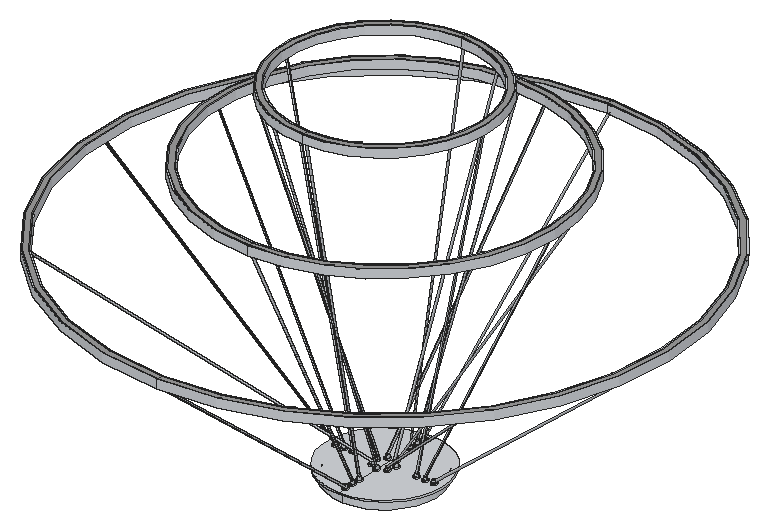
Revit family "Vicky Tri-Ring Pendant_160W100W50W_3000K", category Lighting Fixtures, host Face, Revit 2022
Family settings
  Host = Face
  Round Connector Dimension = Use Diameter
  Part Type = Normal
  Cut with Voids When Loaded = No
  Light Source = No
  Maintain Annotation Orientation = No
  Shared = No
  Room Calculation Point = No
Parameters (values of type "VRD Tri-Ring Pendant_160W100W50W_3000K")
  Wattage Comments = "310W-Luminaire"
  URL = "https://www.abovealllighting.com/product/LED-INDOOR-FIXTURE/Ring/VRDVickyRingDownwardLight4ring.html"
  Power Factor = "0.9"
  Model = "VRD-TRIX-30901-ACPMK"
  Manufacturer = "Above All Lighting"
  Lumen output = "26350 lx-Luminaire"
  Load Classification = Lighting
  Lamp = "LED"
  Input Voltage = "120-277V"
  IP Rating = "90"
  Description = "VDR Tri-Ring Pendant"
  Default Elevation = 4' - 0"
  CRI = "90"
  CCT = "3000K"
Reference planes (in)
  plane 1 "Center (Front/Back)": y = 0
  plane 2: z = 0
  plane 3 "Center (Left/Right)": x = 0
  plane 4: z = 59
Forms (in)
  Sweep 1, solid, not visible
    path origin (0, 0, 0) x (-0.707107, 0.707107, 0) y (0, 0, 1)
      loop
        line (-6, 2) -> (-49.2, 33.3273)
    profile origin (19.51615, -19.51615, 17.66365) x (0.415112, -0.415112, -0.809545) y (0.707107, 0.707107, 0)
      loop
        circle (0, 0) r 0.0625
Dimensions and locks (in)
  plane 4 to level = 4' - 11"
  diameter of nested 1 = 8' - 2.1"
  diameter of nested 1 = 4' - 10.8"
  aligned and locked: plane 2 to host face
  aligned and locked: level to host face
Nested families (in)
  nested 1: "Tri-ring light" at (0, 0, 0), type "Tri-ring light"
  nested 2: "Light source" at (0, 0.11113, 5.14049), type "50W"
  nested 3: "Light source" at (0, 0, -6.87367), type "100W"
  nested 4: "Light source" at (0, 0, -18.76283), type "100W"
Definition of nested family "Tri-ring light"
  Parameters (values of type "Tri-ring light")
    Default Elevation = 0' - 0"
  Reference planes (in)
    plane 1 "Center (Front/Back)": y = 0
    plane 2: z = 0
    plane 3 "Center (Left/Right)": x = 0
    plane 4: z = 59
    plane 5: z = 0
  Forms (in)
    Revolve 1, solid
      sketch origin (0, 0, 0) x (0, 1, 0) y (0, 0, 1)
        loop
          line (-49.2, 33.5) -> (-47.9, 33.5) -> (-47.9, 35) -> (-48.05, 35) -> (-48.05, 34.3) -> (-49.05, 34.3) -> (-49.05, 35) -> (-49.2, 35) -> (-49.2, 33.5)
        loop
          line (-29.55, 45.5) -> (-28.25, 45.5) -> (-28.25, 47) -> (-28.4, 47) -> (-28.4, 46.3) -> (-29.4, 46.3) -> (-29.4, 47) -> (-29.55, 47) -> (-29.55, 45.5)
        loop
          line (-17.7, 57.5) -> (-16.4, 57.5) -> (-16.4, 59) -> (-16.55, 59) -> (-16.55, 58.3) -> (-17.55, 58.3) -> (-17.55, 59) -> (-17.7, 59) -> (-17.7, 57.5)
        axis (0, 59) -> (0, 33.5)
      angle from 0 to 360
    Revolve 2, solid
      sketch origin (0, 0, 0) x (0, 1, 0) y (0, 0, 1)
        loop
          line (-16.55, 59) -> (-17.55, 59) -> (-17.55, 58.3) -> (-16.55, 58.3) -> (-16.55, 59)
        loop
          line (-28.4, 47) -> (-29.4, 47) -> (-29.4, 46.3) -> (-28.4, 46.3) -> (-28.4, 47)
        loop
          line (-48.05, 35) -> (-49.05, 35) -> (-49.05, 34.3) -> (-48.05, 34.3) -> (-48.05, 35)
        axis (0, 59) -> (0, 34.3)
      angle from 0 to 360
    Revolve 3, solid
      sketch origin (8.51563, 0, 0.02344) x (1, 0, 0) y (0, 0, 1)
        loop
          line (0, 0.75) -> (0, 0.22656) -> (0.48438, 0.22656) -> (0.48438, 0.28516) -> (0.35553, 0.28516)
          arc (0.35553, 0.28516) -> (0.28091, 0.31607) -> (0.25, 0.39069) r 0.10553
          line (0.25, 0.39069) -> (0.25, 0.75) -> (0, 0.75)
        axis (0, 0.75) -> (0, 0.22656)
      angle from 0 to 360
    Revolve 4, solid
      sketch origin (0, 0, -1.75) x (0, 1, 0) y (0, 0, 1)
        loop
          line (0, 2) -> (0, 1.75) -> (8.5, 1.75) -> (8.5, 0) -> (9, 0) -> (9, 1.75) -> (10, 1.75) -> (10, 2) -> (0, 2)
        axis (0, 2) -> (0, 0)
      angle from 0 to 360
    Revolve 5, solid
      sketch origin (7.01563, 0, 0.02344) x (1, 0, 0) y (0, 0, 1)
        loop
          line (0, 0.75) -> (0, 0.22656) -> (0.48438, 0.22656) -> (0.48438, 0.28516) -> (0.35553, 0.28516)
          arc (0.35553, 0.28516) -> (0.28091, 0.31607) -> (0.25, 0.39069) r 0.10553
          line (0.25, 0.39069) -> (0.25, 0.75) -> (0, 0.75)
        axis (0, 0.75) -> (0, 0.22656)
      angle from 0 to 360
    Revolve 6, solid
      sketch origin (5.51563, 0, 0.02344) x (1, 0, 0) y (0, 0, 1)
        loop
          line (0, 0.75) -> (0, 0.22656) -> (0.48438, 0.22656) -> (0.48438, 0.28516) -> (0.35553, 0.28516)
          arc (0.35553, 0.28516) -> (0.28091, 0.31607) -> (0.25, 0.39069) r 0.10553
          line (0.25, 0.39069) -> (0.25, 0.75) -> (0, 0.75)
        axis (0, 0.75) -> (0, 0.22656)
      angle from 0 to 360
    Revolve 7, solid
      sketch origin (-8.51563, 0, 0.02344) x (-1, 0, 0) y (0, 0, -1)
        loop
          line (0, -0.75) -> (0.25, -0.75) -> (0.25, -0.39069)
          arc (0.25, -0.39069) -> (0.28091, -0.31607) -> (0.35553, -0.28516) r 0.10553
          line (0.35553, -0.28516) -> (0.48438, -0.28516) -> (0.48438, -0.22656) -> (0, -0.22656) -> (0, -0.75)
        axis (0, -0.75) -> (0, -0.22656)
      angle from 0 to 360
    Revolve 8, solid
      sketch origin (-7.01563, 0, 0.02344) x (-1, 0, 0) y (0, 0, -1)
        loop
          line (0, -0.75) -> (0.25, -0.75) -> (0.25, -0.39069)
          arc (0.25, -0.39069) -> (0.28091, -0.31607) -> (0.35553, -0.28516) r 0.10553
          line (0.35553, -0.28516) -> (0.48438, -0.28516) -> (0.48438, -0.22656) -> (0, -0.22656) -> (0, -0.75)
        axis (0, -0.75) -> (0, -0.22656)
      angle from 0 to 360
    Revolve 9, solid
      sketch origin (-5.51563, 0, 0.02344) x (-1, 0, 0) y (0, 0, -1)
        loop
          line (0, -0.75) -> (0.25, -0.75) -> (0.25, -0.39069)
          arc (0.25, -0.39069) -> (0.28091, -0.31607) -> (0.35553, -0.28516) r 0.10553
          line (0.35553, -0.28516) -> (0.48438, -0.28516) -> (0.48438, -0.22656) -> (0, -0.22656) -> (0, -0.75)
        axis (0, -0.75) -> (0, -0.22656)
      angle from 0 to 360
    Revolve 10, solid
      sketch origin (0, -8.51563, 0.02344) x (0, -1, 0) y (0, 0, 1)
        loop
          line (0, 0.75) -> (0, 0.22656) -> (0.48438, 0.22656) -> (0.48438, 0.28516) -> (0.35553, 0.28516)
          arc (0.35553, 0.28516) -> (0.28091, 0.31607) -> (0.25, 0.39069) r 0.10553
          line (0.25, 0.39069) -> (0.25, 0.75) -> (0, 0.75)
        axis (0, 0.75) -> (0, 0.22656)
      angle from 0 to 360
    Revolve 11, solid
      sketch origin (0, -7.01563, 0.02344) x (0, -1, 0) y (0, 0, 1)
        loop
          line (0, 0.75) -> (0, 0.22656) -> (0.48438, 0.22656) -> (0.48438, 0.28516) -> (0.35553, 0.28516)
          arc (0.35553, 0.28516) -> (0.28091, 0.31607) -> (0.25, 0.39069) r 0.10553
          line (0.25, 0.39069) -> (0.25, 0.75) -> (0, 0.75)
        axis (0, 0.75) -> (0, 0.22656)
      angle from 0 to 360
    Revolve 12, solid
      sketch origin (0, -5.51563, 0.02344) x (0, -1, 0) y (0, 0, 1)
        loop
          line (0, 0.75) -> (0, 0.22656) -> (0.48438, 0.22656) -> (0.48438, 0.28516) -> (0.35553, 0.28516)
          arc (0.35553, 0.28516) -> (0.28091, 0.31607) -> (0.25, 0.39069) r 0.10553
          line (0.25, 0.39069) -> (0.25, 0.75) -> (0, 0.75)
        axis (0, 0.75) -> (0, 0.22656)
      angle from 0 to 360
    Revolve 13, solid
      sketch origin (0, 8.51563, 0.02344) x (0, 1, 0) y (0, 0, -1)
        loop
          line (0, -0.75) -> (0.25, -0.75) -> (0.25, -0.39069)
          arc (0.25, -0.39069) -> (0.28091, -0.31607) -> (0.35553, -0.28516) r 0.10553
          line (0.35553, -0.28516) -> (0.48438, -0.28516) -> (0.48438, -0.22656) -> (0, -0.22656) -> (0, -0.75)
        axis (0, -0.75) -> (0, -0.22656)
      angle from 0 to 360
    Revolve 14, solid
      sketch origin (0, 7.01563, 0.02344) x (0, 1, 0) y (0, 0, -1)
        loop
          line (0, -0.75) -> (0.25, -0.75) -> (0.25, -0.39069)
          arc (0.25, -0.39069) -> (0.28091, -0.31607) -> (0.35553, -0.28516) r 0.10553
          line (0.35553, -0.28516) -> (0.48438, -0.28516) -> (0.48438, -0.22656) -> (0, -0.22656) -> (0, -0.75)
        axis (0, -0.75) -> (0, -0.22656)
      angle from 0 to 360
    Revolve 15, solid
      sketch origin (0, 5.51563, 0.02344) x (0, 1, 0) y (0, 0, -1)
        loop
          line (0, -0.75) -> (0.25, -0.75) -> (0.25, -0.39069)
          arc (0.25, -0.39069) -> (0.28091, -0.31607) -> (0.35553, -0.28516) r 0.10553
          line (0.35553, -0.28516) -> (0.48438, -0.28516) -> (0.48438, -0.22656) -> (0, -0.22656) -> (0, -0.75)
        axis (0, -0.75) -> (0, -0.22656)
      angle from 0 to 360
    Revolve 16, solid
      sketch origin (0, -1.72749, 0.02344) x (0, -1, 0) y (0, 0, -1)
        loop
          line (0, -0.75) -> (0.25, -0.75) -> (0.25, -0.39069)
          arc (0.25, -0.39069) -> (0.28091, -0.31607) -> (0.35553, -0.28516) r 0.10553
          line (0.35553, -0.28516) -> (0.48438, -0.28516) -> (0.48438, -0.22656) -> (0, -0.22656) -> (0, -0.75)
        axis (0, -0.75) -> (0, -0.22656)
      angle from 0 to 360
    Revolve 17, solid
      sketch origin (1.35061, -1.07707, 0.02344) x (0.781831, -0.62349, 0) y (0, 0, -1)
        loop
          line (0, -0.75) -> (0.25, -0.75) -> (0.25, -0.39069)
          arc (0.25, -0.39069) -> (0.28091, -0.31607) -> (0.35553, -0.28516) r 0.10553
          line (0.35553, -0.28516) -> (0.48438, -0.28516) -> (0.48438, -0.22656) -> (0, -0.22656) -> (0, -0.75)
        axis (0, -0.75) -> (0, -0.22656)
      angle from 0 to 360
    Revolve 18, solid
      sketch origin (-1.35061, -1.07707, 0.02344) x (-0.781831, -0.62349, 0) y (0, 0, -1)
        loop
          line (0, -0.75) -> (0.25, -0.75) -> (0.25, -0.39069)
          arc (0.25, -0.39069) -> (0.28091, -0.31607) -> (0.35553, -0.28516) r 0.10553
          line (0.35553, -0.28516) -> (0.48438, -0.28516) -> (0.48438, -0.22656) -> (0, -0.22656) -> (0, -0.75)
        axis (0, -0.75) -> (0, -0.22656)
      angle from 0 to 360
    Revolve 19, solid
      sketch origin (-1.68418, 0.3844, 0.02344) x (-0.974928, 0.222521, 0) y (0, 0, -1)
        loop
          line (0, -0.75) -> (0.25, -0.75) -> (0.25, -0.39069)
          arc (0.25, -0.39069) -> (0.28091, -0.31607) -> (0.35553, -0.28516) r 0.10553
          line (0.35553, -0.28516) -> (0.48438, -0.28516) -> (0.48438, -0.22656) -> (0, -0.22656) -> (0, -0.75)
        axis (0, -0.75) -> (0, -0.22656)
      angle from 0 to 360
    Revolve 20, solid
      sketch origin (-0.74953, 1.55641, 0.02344) x (-0.433884, 0.900969, 0) y (0, 0, -1)
        loop
          line (0, -0.75) -> (0.25, -0.75) -> (0.25, -0.39069)
          arc (0.25, -0.39069) -> (0.28091, -0.31607) -> (0.35553, -0.28516) r 0.10553
          line (0.35553, -0.28516) -> (0.48438, -0.28516) -> (0.48438, -0.22656) -> (0, -0.22656) -> (0, -0.75)
        axis (0, -0.75) -> (0, -0.22656)
      angle from 0 to 360
    Revolve 21, solid
      sketch origin (0.74953, 1.55641, 0.02344) x (0.433884, 0.900969, 0) y (0, 0, -1)
        loop
          line (0, -0.75) -> (0.25, -0.75) -> (0.25, -0.39069)
          arc (0.25, -0.39069) -> (0.28091, -0.31607) -> (0.35553, -0.28516) r 0.10553
          line (0.35553, -0.28516) -> (0.48438, -0.28516) -> (0.48438, -0.22656) -> (0, -0.22656) -> (0, -0.75)
        axis (0, -0.75) -> (0, -0.22656)
      angle from 0 to 360
    Revolve 22, solid
      sketch origin (1.68418, 0.3844, 0.02344) x (0.974928, 0.222521, 0) y (0, 0, -1)
        loop
          line (0, -0.75) -> (0.25, -0.75) -> (0.25, -0.39069)
          arc (0.25, -0.39069) -> (0.28091, -0.31607) -> (0.35553, -0.28516) r 0.10553
          line (0.35553, -0.28516) -> (0.48438, -0.28516) -> (0.48438, -0.22656) -> (0, -0.22656) -> (0, -0.75)
        axis (0, -0.75) -> (0, -0.22656)
      angle from 0 to 360
    Sweep 23, solid, not visible
      path origin (0, 0, 0) x (0, 1, 0) y (0, 0, 1)
        loop
          line (48.55, 33.5) -> (8.51563, 2.52344)
      profile origin (0, 28.53281, 18.01172) x (0, 0.611953, -0.790894) y (1, 0, 0)
        loop
          circle (0, 0) r 0.125
    Sweep 24, solid
      path origin (0, 0, 0) x (0, 1, 0) y (0, 0, 1)
        loop
          line (-48.55, 33.5) -> (-8.51563, 0.52344)
      profile origin (0, -28.53281, 17.01172) x (0, 0.635789, 0.771863) y (1, 0, 0)
        loop
          circle (0, 0) r 0.125
    Sweep 25, solid
      path origin (0, 0, 0) x (1, 0, 0) y (0, 0, 1)
        loop
          line (-48.55, 33.5) -> (-8.51563, 0.52344)
      profile origin (-28.53281, 0, 17.01172) x (0.635789, 0, 0.771863) y (0, -1, 0)
        loop
          circle (0, 0) r 0.125
    Sweep 26, solid
      path origin (0, 0, 0) x (-1, 0, 0) y (0, 0, 1)
        loop
          line (-48.55, 33.5) -> (-8.51563, 0.52344)
      profile origin (28.53281, 0, 17.01172) x (-0.635789, 0, 0.771863) y (0, 1, 0)
        loop
          circle (0, 0) r 0.125
    Sweep 27, solid
      path origin (0, 0, 0) x (0, -1, 0) y (0, 0, 1)
        loop
          line (-48.55, 33.5) -> (-8.51563, 0.52344)
      profile origin (0, 28.53281, 17.01172) x (0, -0.635789, 0.771863) y (-1, 0, 0)
        loop
          circle (0, 0) r 0.125
    Sweep 28, solid
      path origin (0, 0, 0.25) x (0, 1, 0) y (0, 0, 1)
        loop
          line (28.9, 45.5) -> (7.01563, 0.52344)
      profile origin (0, 17.95781, 23.26172) x (0, 0.899205, -0.437529) y (1, 0, 0)
        loop
          circle (0, 0) r 0.125
    Sweep 29, solid
      path origin (0, 0, 0.25) x (1, 0, 0) y (0, 0, 1)
        loop
          line (28.9, 45.5) -> (7.01563, 0.52344)
      profile origin (17.95781, 0, 23.26172) x (0.899205, 0, -0.437529) y (0, -1, 0)
        loop
          circle (0, 0) r 0.125
    Sweep 30, solid
      path origin (0, 0, 0.25) x (-1, 0, 0) y (0, 0, 1)
        loop
          line (28.9, 45.5) -> (7.01563, 0.52344)
      profile origin (-17.95781, 0, 23.26172) x (-0.899205, 0, -0.437529) y (0, 1, 0)
        loop
          circle (0, 0) r 0.125
    Sweep 31, solid
      path origin (0, 0, 0.25) x (0, -1, 0) y (0, 0, 1)
        loop
          line (28.9, 45.5) -> (7.01563, 0.52344)
      profile origin (0, -17.95781, 23.26172) x (0, -0.899205, -0.437529) y (-1, 0, 0)
        loop
          circle (0, 0) r 0.125
    Sweep 32, solid
      path origin (0, 0, 0.25) x (0, -1, 0) y (0, 0, 1)
        loop
          line (-17.05, 57.5) -> (-5.51563, 0.52344)
      profile origin (0, 11.28281, 29.26172) x (0, -0.980118, 0.198416) y (-1, 0, 0)
        loop
          circle (0, 0) r 0.125
    Sweep 33, solid
      path origin (0, 0, 0.25) x (-1, 0, 0) y (0, 0, 1)
        loop
          line (-17.05, 57.5) -> (-5.51563, 0.52344)
      profile origin (11.28281, 0, 29.26172) x (-0.980118, 0, 0.198416) y (0, 1, 0)
        loop
          circle (0, 0) r 0.125
    Sweep 34, solid
      path origin (0, 0, 0.25) x (1, 0, 0) y (0, 0, 1)
        loop
          line (-17.05, 57.5) -> (-5.51563, 0.52344)
      profile origin (-11.28281, 0, 29.26172) x (0.980118, 0, 0.198416) y (0, -1, 0)
        loop
          circle (0, 0) r 0.125
    Sweep 35, solid
      path origin (0, 0, 0.25) x (0, 1, 0) y (0, 0, 1)
        loop
          line (-17.05, 57.5) -> (-5.51563, 0.52344)
      profile origin (0, -11.28281, 29.26172) x (0, 0.980118, 0.198416) y (1, 0, 0)
        loop
          circle (0, 0) r 0.125
    Sweep 36, solid
      path origin (0, 0, 0.25) x (-0.777146, 0.62932, 0) y (0, 0, 1)
        loop
          line (-1.72749, 0.52344) -> (-48.55, 33.5)
      profile origin (19.53647, -15.82032, 17.26172) x (0.447491, -0.362371, -0.817581) y (0.62932, 0.777146, 0)
        loop
          circle (0, 0) r 0.125
    Sweep 37, solid
      path origin (0, 0, 0.25) x (0.777146, 0.62932, 0) y (0, 0, 1)
        loop
          line (-1.72749, 0.52344) -> (-48.55, 33.5)
      profile origin (-19.53647, -15.82032, 17.26172) x (-0.447491, -0.362371, -0.817581) y (0.62932, -0.777146, 0)
        loop
          circle (0, 0) r 0.125
    Sweep 38, solid
      path origin (0, 0, 0.25) x (-0.97437, 0.224951, 0) y (0, 0, 1)
        loop
          line (1.56879, 0.52344) -> (28.9, 45.5)
      profile origin (-14.84394, 3.42699, 23.26172) x (0.832682, -0.19224, 0.519311) y (0.224951, 0.97437, 0)
        loop
          circle (0, 0) r 0.125
    Sweep 39, solid
      path origin (0, 0, 0.25) x (0.97437, 0.224951, 0) y (0, 0, 1)
        loop
          line (1.56879, 0.52344) -> (28.9, 45.5)
      profile origin (14.84394, 3.42699, 23.26172) x (-0.832682, -0.19224, 0.519311) y (0.224951, -0.97437, 0)
        loop
          circle (0, 0) r 0.125
    Sweep 40, solid
      path origin (0, 0, 0.25) x (0.438371, 0.898794, 0) y (0, 0, 1)
        loop
          line (1.54404, 0.52344) -> (17.05, 57.5)
      profile origin (4.07554, 8.3561, 29.26172) x (-0.422987, -0.867252, 0.262596) y (0.898794, -0.438371, 0)
        loop
          circle (0, 0) r 0.125
    Sweep 41, solid
      path origin (-0.3948, -0.12479, 0.25) x (0.185912, -0.982566, 0) y (0, 0, 1)
        loop
          line (-1.72749, 0.52344) -> (-48.55, 33.5)
      profile origin (-5.06839, 24.57569, 17.26172) x (-0.10705, 0.565775, -0.817581) y (-0.982566, -0.185912, 0)
        loop
          circle (0, 0) r 0.125
    Sweep 42, solid
      path origin (0.65485, -0.3856, 0.25) x (-0.449542, -0.893259, 0) y (0, 0, 1)
        loop
          line (1.54404, 0.52344) -> (17.05, 57.5)
      profile origin (-3.52455, -8.69025, 29.26172) x (0.433765, 0.861911, 0.262596) y (-0.893259, 0.449542, 0)
        loop
          circle (0, 0) r 0.125
  Dimensions and locks (in)
    aligned and locked: plane 2 to level
Definition of nested family "Light source"
  Parameters (values of type "50W")
    Wattage = 28.6114 W
    built-in parameter 1150110 = 1 (stored number, unit not read)
    built-in parameter 1114217 = 1 (stored number, unit not read)
    Tilt Angle = 90.00°
    built-in parameter 1150109 = 1 (stored number, unit not read)
    built-in parameter 1150134 = (empty or 0)
    built-in parameter 1150113 = 1 (stored number, unit not read)
    Photometric Web File = "VRD-5035-30901.ies"
    Lumens = 4250 lm
    built-in parameter 1150115 = 1 (stored number, unit not read)
    built-in parameter 1150105 = 896.61 (stored number, unit not read)
    built-in parameter 1150137 = (empty or 0)
    built-in parameter 1150139 = (empty or 0)
    built-in parameter 1150112 = 1 (stored number, unit not read)
    built-in parameter 1150114 = 1 (stored number, unit not read)
    built-in parameter 1150132 = 2
    built-in parameter 1150102 = (empty or 0)
    built-in parameter 1150138 = (empty or 0)
    built-in parameter 1150107 = 3000 (stored number, unit not read)
    built-in parameter 1150106 = 8.9661 (stored number, unit not read)
    built-in parameter 1150104 = 13.8 (stored number, unit not read)
    Dimming Lamp Color Temperature Shift = (empty or 0)
    Default Elevation = 0' - 0"
    Color Filter = 16777215
    built-in parameter 1114218 = 1 (stored number, unit not read)
    built-in parameter 1150133 = 10 (stored number, unit not read)
  Types (4): name | Wattage | Photometric Web File | Lumens | built-in parameter 1150105 | built-in parameter 1150106
    (no name) | 28.6114 W | "VRD-5035-30901.ies" | 4250 lm | 896.61 (stored number, unit not read) | 8.9661 (stored number, unit not read)
    100W | 57.2229 W | "VRD-10059-30901.ies" | 8500 lm | 1793.2 (stored number, unit not read) | 17.932 (stored number, unit not read)
    160W | 91.5566 W | "VRD-10059-30901.ies" | 13600 lm | 2869.2 (stored number, unit not read) | 28.692 (stored number, unit not read)
    50W | 28.6114 W | "VRD-5035-30901.ies" | 4250 lm | 896.61 (stored number, unit not read) | 8.9661 (stored number, unit not read)
  Reference planes (in)
    plane 1 "Light Source Axis (F/B)": y = 0
    plane 2: z = 0
    plane 3 "Light Source Axis (L/R)": x = 0
    plane 4 "Light Source Elevation": z = 54
  Dimensions and locks (in)
    aligned and locked: plane 3 "Light Source Axis (L/R)" to imposter light
    aligned and locked: plane 1 "Light Source Axis (F/B)" to imposter light
    aligned and locked: plane 4 "Light Source Elevation" to imposter light
    aligned and locked: level to plane 2
